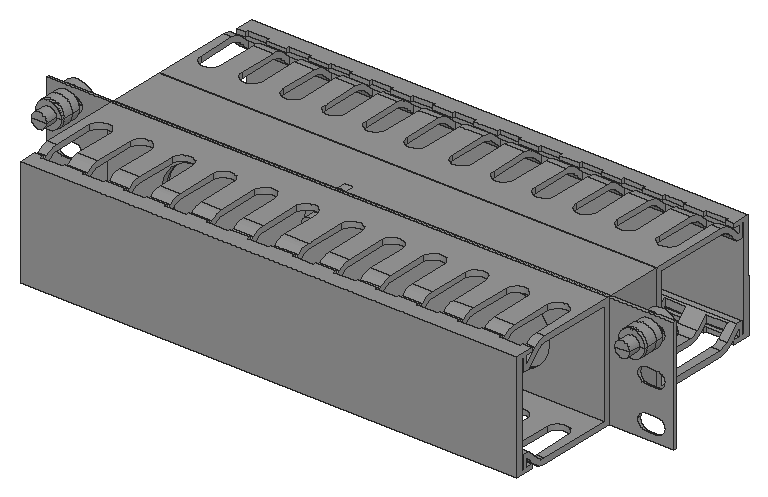
Revit family "ITK by ZPAS__Органайзер кабельный пластиковый с крышкой двойной 19_1U_12 и 12 слотов", category Обобщенные модели, Revit 2019
Family settings
  Может служить основой для арматурных стержней = Нет
  Размер круглого соединителя = Использовать диаметр
  Тип детали = Нормальный
  На основе рабочей плоскости = Нет
  Всегда вертикально = Да
  При загрузке вырезать с полостями = Нет
  Общий = Нет
  Точка расчета площади = Нет
Parameters (values of type "ZP-CO05-1U-12-12-P-C")
  Ширина = 241 mm
  Степень защиты = ""
  Материал = Окраска - RAL 9005
  Изготовитель = "ITK"  # constant formula
  Дата изменения = ""
  Глубина = 111 mm
  Высота = 44.5 mm
  Тип монтажа = ""
  URL = "https://www.iek.ru/"
  KSI_CPr_Строительные изделия = "61.1.04.08"  # constant formula
  KSI_CMa_Строительные материалы = "01.7.14.03"
  IEK_Цена за единицу = 1540.42
  IEK_Поиск в таблице имен = ""
  IEK_Описание = "На тыльной стороне органайзера имеются отверстия для ввода кабелей.\r\nCъемная лицевая крышка.\r\nМонтажная высота 1U и 2U."
  IEK_URL = "https://www.itk-group.ru/produktsiya/catalog/oborudovanie_telekommunikatsionnoe/kompleksnye_resheniya_dlya_tsod/shkafy_i_aksessuary_dlya_tsod/komplektuyushchie_i_aksessuary_dlya_shkafov_itk_by_zpas/kabelnye_organizatory_itk_by_zpas/itk_by_zpas_organayzer_kabelnyy_plastikovyy_s_kryshkoy_dvoynoy_19_1u_12_12_slotov_chernyy"
  ADSK_Примечание = ""
  ADSK_Позиция [instance] = ""
  ADSK_Наименование = "ITK by ZPAS Органайзер пласт. с крышкой 19\" 1U 12+12 черн."
  ADSK_Материал обозначение = ""
  ADSK_Материал наименование = "Пластик"
  ADSK_Масса = 0.59
  ADSK_Марка = "by ZPAS"  # constant formula
  ADSK_Код изделия = "ZP-CO05-1U-12-12-P-C"
  ADSK_Завод-изготовитель = "IEK"  # constant formula
  ADSK_Единица измерения = "шт"  # constant formula
  ADSK_Группирование = "I. ЩИТЫ И ПУЛЬТЫ"  # constant formula
  ADSK_Версия семейства = "1.0"  # constant formula
  ADSK_Версия Revit = "2019"  # constant formula
  ADSK_URL страницы изделия = "https://www.itk-group.ru/produktsiya/catalog/oborudovanie_telekommunikatsionnoe/kompleksnye_resheniya_dlya_tsod/shkafy_i_aksessuary_dlya_tsod/komplektuyushchie_i_aksessuary_dlya_shkafov_itk_by_zpas/kabelnye_organizatory_itk_by_zpas/?pagec=50"
Reference planes
  plane 1 "По центру (Вперед/Назад)": y = 0
  plane 2: z = 0
  plane 3 "По центру (Влево/Вправо)": x = 0
  plane 4: x = -120.5
  plane 5: x = 120.5
  plane 6: y = -45
  plane 7: z = 44.5
  plane 8: y = 66
Forms (mm)
  Extrusion 1, solid, material "Окраска - RAL 9005" <- "Материал", detail levels fine
    sketch origin (120.5, 0, 0.198) x (1, 0, 0) y (0, 1, 0)
      loop
        line (-241, 0) -> (-241, -1) -> (0, -1) -> (0, 0) -> (-241, 0)
    from 0 to 44
  Extrusion 2, void
    sketch origin (-1879.5, -1, 1200.198) x (-1, 0, 0) y (0, 0, -1)
      loop
        circle (-1766.475, 1161) r 2.967
      loop
        circle (-1766.475, 1195) r 2.967
    from -1 to 1.964
  Extrusion 3, solid, material "Окраска - RAL 9005" <- "Материал", detail levels fine
    sketch origin (-120.5, 2000, 1200.198) x (0, 1, 0) y (0, 0, 1)
      loop
        line (-2002.964, -1158.033) -> (-2031.639, -1158.033)
        arc (-2031.639, -1158.033) -> (-2033.467, -1158.359) -> (-2035.043, -1159.342) r 4.903
        line (-2035.043, -1159.342) -> (-2039.626, -1163.598) -> (-2042.093, -1163.598) -> (-2042.093, -1158.711) -> (-2042.982, -1158.711) -> (-2042.982, -1197.289) -> (-2042.093, -1197.289) -> (-2042.093, -1192.402) -> (-2039.626, -1192.402) -> (-2035.043, -1196.658)
        arc (-2035.043, -1196.658) -> (-2033.467, -1197.641) -> (-2031.639, -1197.967) r 4.903
        line (-2031.639, -1197.967) -> (-2002.964, -1197.967) -> (-2002.964, -1158.033)
      loop
        line (-2001, -1156.033) -> (-2031.626, -1156.033)
        arc (-2031.626, -1156.033) -> (-2034.192, -1156.495) -> (-2036.404, -1157.877) r 6.903
        line (-2036.404, -1157.877) -> (-2040.987, -1162.132) -> (-2040.987, -1158.711) -> (-2038.167, -1158.711) -> (-2038.167, -1157.132) -> (-2045, -1157.132) -> (-2045, -1198.868) -> (-2038.167, -1198.868) -> (-2038.167, -1197.289) -> (-2040.987, -1197.289) -> (-2040.987, -1193.868) -> (-2036.404, -1198.123)
        arc (-2036.404, -1198.123) -> (-2034.192, -1199.505) -> (-2031.626, -1199.967) r 6.903
        line (-2031.626, -1199.967) -> (-2001, -1199.967) -> (-2001, -1156.033)
    from 25 to 216
  Revolve 4, solid, material "Окраска - RAL 9005", detail levels fine
    sketch origin (121.437, 29.553, 6.136) x (0, 1, 0) y (-1, 0, 0)
      loop
        line (-44.803, 236.411) -> (-44.803, 233.525) -> (-26.053, 233.525) -> (-26.053, 239.661) -> (-29.553, 239.661) -> (-29.553, 236.411) -> (-32.003, 236.411) -> (-32.003, 238.643)
        arc (-32.003, 238.643) -> (-33.603, 238.55) -> (-35.203, 238.622) r 15.465
        line (-35.203, 238.622) -> (-39.203, 238.622)
        arc (-39.203, 238.622) -> (-39.704, 238.622) -> (-40.203, 238.583) r 6.422
        line (-40.203, 238.583) -> (-40.203, 236.411) -> (-44.803, 236.411)
      axis (-26.053, 233.525) -> (-44.803, 233.525)
    angle from 0 to 360
  Revolve 5, solid, material "Окраска - RAL 9005", detail levels fine
    sketch origin (121.437, 30.928, 38.261) x (0, 1, 0) y (-1, 0, 0)
      loop
        line (-46.178, 236.411) -> (-46.178, 233.525) -> (-27.428, 233.525) -> (-27.428, 239.661) -> (-30.928, 239.661) -> (-30.928, 236.411) -> (-33.378, 236.411) -> (-33.378, 238.643)
        arc (-33.378, 238.643) -> (-34.978, 238.55) -> (-36.578, 238.622) r 15.465
        line (-36.578, 238.622) -> (-40.578, 238.622)
        arc (-40.578, 238.622) -> (-41.079, 238.622) -> (-41.578, 238.583) r 6.422
        line (-41.578, 238.583) -> (-41.578, 236.411) -> (-46.178, 236.411)
      axis (-27.428, 233.525) -> (-46.178, 233.525)
    angle from 0 to 360
  Extrusion 6, void
    sketch origin (120.5, 0, 0.198) x (-1, 0, 0) y (0, 0, 1)
      loop
        line (230.5, 18.75) -> (234.499, 18.75)
        arc (234.499, 18.75) -> (237.749, 22) -> (234.499, 25.25) r 3.25
        line (234.499, 25.25) -> (230.503, 25.25)
        arc (230.503, 25.25) -> (227.25, 22.002) -> (230.5, 18.75) r 3.25
      loop
        line (234.5, 9.25) -> (230.501, 9.25)
        arc (230.501, 9.25) -> (227.251, 6) -> (230.501, 2.75) r 3.25
        line (230.501, 2.75) -> (234.498, 2.75)
        arc (234.498, 2.75) -> (237.75, 5.999) -> (234.5, 9.25) r 3.25
      loop
        line (230.5, 34.75) -> (234.499, 34.75)
        arc (234.499, 34.75) -> (237.749, 38) -> (234.499, 41.25) r 3.25
        line (234.499, 41.25) -> (230.503, 41.25)
        arc (230.503, 41.25) -> (227.25, 38.002) -> (230.5, 34.75) r 3.25
      loop
        line (181.498, 35.5) -> (59.502, 35.5)
        arc (59.502, 35.5) -> (46.002, 22) -> (59.502, 8.5) r 13.5
        line (59.502, 8.5) -> (181.498, 8.5)
        arc (181.498, 8.5) -> (194.998, 22) -> (181.498, 35.5) r 13.5
      loop
        arc (10.5, 18.75) -> (13.75, 22.002) -> (10.497, 25.25) r 3.25
        line (10.497, 25.25) -> (6.501, 25.25)
        arc (6.501, 25.25) -> (3.251, 22) -> (6.501, 18.75) r 3.25
        line (6.501, 18.75) -> (10.5, 18.75)
      loop
        arc (6.5, 9.25) -> (3.25, 5.999) -> (6.502, 2.75) r 3.25
        line (6.502, 2.75) -> (10.499, 2.75)
        arc (10.499, 2.75) -> (13.749, 6) -> (10.499, 9.25) r 3.25
        line (10.499, 9.25) -> (6.5, 9.25)
      loop
        arc (10.5, 34.75) -> (13.75, 38.002) -> (10.497, 41.25) r 3.25
        line (10.497, 41.25) -> (6.501, 41.25)
        arc (6.501, 41.25) -> (3.251, 38) -> (6.501, 34.75) r 3.25
        line (6.501, 34.75) -> (10.5, 34.75)
    from -15.25 to 11
  Extrusion 7, void
    sketch origin (120.5, 0, 0.198) x (1, 0, 0) y (0, 1, 0)
      loop
        line (-204.479, -39.115) -> (-204.479, -16.303)
        arc (-204.479, -16.303) -> (-208.56, -12.223) -> (-212.64, -16.303) r 4.08
        line (-212.64, -16.303) -> (-212.64, -39.115) -> (-204.479, -39.115)
      loop
        line (-188.598, -39.115) -> (-188.598, -16.303)
        arc (-188.598, -16.303) -> (-192.679, -12.223) -> (-196.759, -16.303) r 4.08
        line (-196.759, -16.303) -> (-196.759, -39.115) -> (-188.598, -39.115)
      loop
        line (-172.717, -39.115) -> (-172.717, -16.303)
        arc (-172.717, -16.303) -> (-176.798, -12.223) -> (-180.878, -16.303) r 4.08
        line (-180.878, -16.303) -> (-180.878, -39.115) -> (-172.717, -39.115)
      loop
        line (-156.836, -39.115) -> (-156.836, -16.303)
        arc (-156.836, -16.303) -> (-160.917, -12.223) -> (-164.997, -16.303) r 4.08
        line (-164.997, -16.303) -> (-164.997, -39.115) -> (-156.836, -39.115)
      loop
        line (-140.955, -39.115) -> (-140.955, -16.303)
        arc (-140.955, -16.303) -> (-145.036, -12.223) -> (-149.116, -16.303) r 4.08
        line (-149.116, -16.303) -> (-149.116, -39.115) -> (-140.955, -39.115)
      loop
        line (-125.074, -39.115) -> (-125.074, -16.303)
        arc (-125.074, -16.303) -> (-129.155, -12.223) -> (-133.235, -16.303) r 4.08
        line (-133.235, -16.303) -> (-133.235, -39.115) -> (-125.074, -39.115)
      loop
        line (-36.521, -39.115) -> (-28.36, -39.115) -> (-28.36, -16.303)
        arc (-28.36, -16.303) -> (-32.44, -12.223) -> (-36.521, -16.303) r 4.08
        line (-36.521, -16.303) -> (-36.521, -39.115)
      loop
        line (-52.402, -39.115) -> (-44.241, -39.115) -> (-44.241, -16.303)
        arc (-44.241, -16.303) -> (-48.321, -12.223) -> (-52.402, -16.303) r 4.08
        line (-52.402, -16.303) -> (-52.402, -39.115)
      loop
        line (-68.283, -39.115) -> (-60.122, -39.115) -> (-60.122, -16.303)
        arc (-60.122, -16.303) -> (-64.202, -12.223) -> (-68.283, -16.303) r 4.08
        line (-68.283, -16.303) -> (-68.283, -39.115)
      loop
        line (-84.164, -39.115) -> (-76.003, -39.115) -> (-76.003, -16.303)
        arc (-76.003, -16.303) -> (-80.083, -12.223) -> (-84.164, -16.303) r 4.08
        line (-84.164, -16.303) -> (-84.164, -39.115)
      loop
        line (-100.045, -39.115) -> (-91.884, -39.115) -> (-91.884, -16.303)
        arc (-91.884, -16.303) -> (-95.964, -12.223) -> (-100.045, -16.303) r 4.08
        line (-100.045, -16.303) -> (-100.045, -39.115)
      loop
        line (-115.926, -39.115) -> (-107.765, -39.115) -> (-107.765, -16.303)
        arc (-107.765, -16.303) -> (-111.845, -12.223) -> (-115.926, -16.303) r 4.08
        line (-115.926, -16.303) -> (-115.926, -39.115)
    from -7.955 to 56.109
  Revolve 8, solid, material "Окраска - RAL 9005", detail levels fine
    sketch origin (-121.437, 29.553, 6.136) x (0, 1, 0) y (-1, 0, 0)
      loop
        line (-44.803, -115.911) -> (-40.203, -115.911) -> (-40.203, -118.083)
        arc (-40.203, -118.083) -> (-39.704, -118.122) -> (-39.203, -118.122) r 6.422
        line (-39.203, -118.122) -> (-35.203, -118.122)
        arc (-35.203, -118.122) -> (-33.603, -118.05) -> (-32.003, -118.143) r 15.465
        line (-32.003, -118.143) -> (-32.003, -115.911) -> (-29.553, -115.911) -> (-29.553, -119.161) -> (-26.053, -119.161) -> (-26.053, -113.025) -> (-44.803, -113.025) -> (-44.803, -115.911)
      axis (-26.053, -113.025) -> (-44.803, -113.025)
    angle from 0 to 360
  Revolve 9, solid, material "Окраска - RAL 9005", detail levels fine
    sketch origin (-121.437, 30.928, 38.261) x (0, 1, 0) y (-1, 0, 0)
      loop
        line (-46.178, -115.911) -> (-41.578, -115.911) -> (-41.578, -118.083)
        arc (-41.578, -118.083) -> (-41.079, -118.122) -> (-40.578, -118.122) r 6.422
        line (-40.578, -118.122) -> (-36.578, -118.122)
        arc (-36.578, -118.122) -> (-34.978, -118.05) -> (-33.378, -118.143) r 15.465
        line (-33.378, -118.143) -> (-33.378, -115.911) -> (-30.928, -115.911) -> (-30.928, -119.161) -> (-27.428, -119.161) -> (-27.428, -113.025) -> (-46.178, -113.025) -> (-46.178, -115.911)
      axis (-27.428, -113.025) -> (-46.178, -113.025)
    angle from 0 to 360
  Extrusion 10, solid, material "Окраска - RAL 9005" <- "Материал", detail levels fine
    sketch origin (-120.5, -1979, 1200.198) x (0, -1, 0) y (0, 0, -1)
      loop
        line (-2002.964, 1158.033) -> (-2002.964, 1197.967) -> (-2031.639, 1197.967)
        arc (-2031.639, 1197.967) -> (-2033.467, 1197.641) -> (-2035.043, 1196.658) r 4.903
        line (-2035.043, 1196.658) -> (-2039.626, 1192.402) -> (-2042.093, 1192.402) -> (-2042.093, 1197.289) -> (-2042.982, 1197.289) -> (-2042.982, 1158.711) -> (-2042.093, 1158.711) -> (-2042.093, 1163.598) -> (-2039.626, 1163.598) -> (-2035.043, 1159.342)
        arc (-2035.043, 1159.342) -> (-2033.467, 1158.359) -> (-2031.639, 1158.033) r 4.903
        line (-2031.639, 1158.033) -> (-2002.964, 1158.033)
      loop
        line (-2001, 1156.033) -> (-2001, 1199.967) -> (-2031.626, 1199.967)
        arc (-2031.626, 1199.967) -> (-2034.192, 1199.505) -> (-2036.404, 1198.123) r 6.903
        line (-2036.404, 1198.123) -> (-2040.987, 1193.868) -> (-2040.987, 1197.289) -> (-2038.167, 1197.289) -> (-2038.167, 1198.868) -> (-2045, 1198.868) -> (-2045, 1157.132) -> (-2038.167, 1157.132) -> (-2038.167, 1158.711) -> (-2040.987, 1158.711) -> (-2040.987, 1162.132) -> (-2036.404, 1157.877)
        arc (-2036.404, 1157.877) -> (-2034.192, 1156.495) -> (-2031.626, 1156.033) r 6.903
        line (-2031.626, 1156.033) -> (-2001, 1156.033)
    from 25 to 216
  Extrusion 11, void
    sketch origin (120.5, 21, 0.198) x (-1, 0, 0) y (0, 0, -1)
      loop
        arc (181.498, -35.5) -> (194.998, -22) -> (181.498, -8.5) r 13.5
        line (181.498, -8.5) -> (59.502, -8.5)
        arc (59.502, -8.5) -> (46.002, -22) -> (59.502, -35.5) r 13.5
        line (59.502, -35.5) -> (181.498, -35.5)
    from -15.25 to 11
  Extrusion 12, void
    sketch origin (120.5, 21, 0.198) x (1, 0, 0) y (0, 1, 0)
      loop
        line (-204.479, 39.115) -> (-212.64, 39.115) -> (-212.64, 16.303)
        arc (-212.64, 16.303) -> (-208.56, 12.223) -> (-204.479, 16.303) r 4.08
        line (-204.479, 16.303) -> (-204.479, 39.115)
      loop
        line (-188.598, 39.115) -> (-196.759, 39.115) -> (-196.759, 16.303)
        arc (-196.759, 16.303) -> (-192.679, 12.223) -> (-188.598, 16.303) r 4.08
        line (-188.598, 16.303) -> (-188.598, 39.115)
      loop
        line (-172.717, 39.115) -> (-180.878, 39.115) -> (-180.878, 16.303)
        arc (-180.878, 16.303) -> (-176.798, 12.223) -> (-172.717, 16.303) r 4.08
        line (-172.717, 16.303) -> (-172.717, 39.115)
      loop
        line (-156.836, 39.115) -> (-164.997, 39.115) -> (-164.997, 16.303)
        arc (-164.997, 16.303) -> (-160.917, 12.223) -> (-156.836, 16.303) r 4.08
        line (-156.836, 16.303) -> (-156.836, 39.115)
      loop
        line (-140.955, 39.115) -> (-149.116, 39.115) -> (-149.116, 16.303)
        arc (-149.116, 16.303) -> (-145.036, 12.223) -> (-140.955, 16.303) r 4.08
        line (-140.955, 16.303) -> (-140.955, 39.115)
      loop
        line (-125.074, 39.115) -> (-133.235, 39.115) -> (-133.235, 16.303)
        arc (-133.235, 16.303) -> (-129.155, 12.223) -> (-125.074, 16.303) r 4.08
        line (-125.074, 16.303) -> (-125.074, 39.115)
      loop
        line (-36.521, 39.115) -> (-36.521, 16.303)
        arc (-36.521, 16.303) -> (-32.44, 12.223) -> (-28.36, 16.303) r 4.08
        line (-28.36, 16.303) -> (-28.36, 39.115) -> (-36.521, 39.115)
      loop
        line (-52.402, 39.115) -> (-52.402, 16.303)
        arc (-52.402, 16.303) -> (-48.321, 12.223) -> (-44.241, 16.303) r 4.08
        line (-44.241, 16.303) -> (-44.241, 39.115) -> (-52.402, 39.115)
      loop
        line (-68.283, 39.115) -> (-68.283, 16.303)
        arc (-68.283, 16.303) -> (-64.202, 12.223) -> (-60.122, 16.303) r 4.08
        line (-60.122, 16.303) -> (-60.122, 39.115) -> (-68.283, 39.115)
      loop
        line (-84.164, 39.115) -> (-84.164, 16.303)
        arc (-84.164, 16.303) -> (-80.083, 12.223) -> (-76.003, 16.303) r 4.08
        line (-76.003, 16.303) -> (-76.003, 39.115) -> (-84.164, 39.115)
      loop
        line (-100.045, 39.115) -> (-100.045, 16.303)
        arc (-100.045, 16.303) -> (-95.964, 12.223) -> (-91.884, 16.303) r 4.08
        line (-91.884, 16.303) -> (-91.884, 39.115) -> (-100.045, 39.115)
      loop
        line (-115.926, 39.115) -> (-115.926, 16.303)
        arc (-115.926, 16.303) -> (-111.845, 12.223) -> (-107.765, 16.303) r 4.08
        line (-107.765, 16.303) -> (-107.765, 39.115) -> (-115.926, 39.115)
    from -7.955 to 56.109
  Revolve 13, solid, material "Окраска - RAL 9005", detail levels fine
    sketch origin (-121.437, 30.928, 38.261) x (0, 1, 0) y (-1, 0, 0)
      loop
        line (-46.178, -236.411) -> (-41.578, -236.411) -> (-41.578, -238.583)
        arc (-41.578, -238.583) -> (-41.079, -238.622) -> (-40.578, -238.622) r 6.422
        line (-40.578, -238.622) -> (-36.578, -238.622)
        arc (-36.578, -238.622) -> (-34.978, -238.55) -> (-33.378, -238.643) r 15.465
        line (-33.378, -238.643) -> (-33.378, -236.411) -> (-30.928, -236.411) -> (-30.928, -239.661) -> (-27.428, -239.661) -> (-27.428, -233.525) -> (-46.178, -233.525) -> (-46.178, -236.411)
      axis (-27.428, -233.525) -> (-46.178, -233.525)
    angle from 0 to 360
  Extrusion 14, solid, material "Окраска - RAL 9005" <- "Материал", detail levels fine
    sketch origin (0, 125, 0) x (0, 1, 0) y (0, 0, 1)
      loop
        line (-103, 44.166) -> (-125, 44.166) -> (-125, 0.198) -> (-103, 0.198) -> (-103, 44.166)
    from -95.5 to 95.5
  Extrusion 15, solid, material "Условный материал-отделка", detail levels coarse+medium
    sketch origin (0, 0, 0) x (1, 0, 0) y (0, 1, 0)
      loop
        line (-120.5, 66) -> (-120.5, -45) -> (120.5, -45) -> (120.5, 66) -> (-120.5, 66)
    from 0 to 44.5 <- "Высота"
Cuts and joins
  Extrusion 6, Extrusion 7, Extrusion 11, Extrusion 12 cuts Extrusion 3
  Extrusion 2, Extrusion 6, Extrusion 11 cuts Extrusion 1
  Extrusion 11 cuts Revolve 8
  Extrusion 11 cuts Revolve 9
  Extrusion 11, Extrusion 12 cuts Extrusion 10
Dimensions and locks
  equal spacing: plane 4, plane 3 "По центру (Влево/Вправо)", plane 5
  "Ширина": plane 4 to plane 5
  "Глубина": plane 8 to plane 6
  "Высота": plane 7 to level
  aligned and locked: level to plane 2
  aligned and locked: Revolve 4 sketch curve to Revolve 4 sketch curve
  aligned and locked: Revolve 5 sketch curve to Revolve 5 sketch curve
  aligned and locked: Revolve 8 sketch curve to Revolve 8 sketch curve
  aligned and locked: Revolve 9 sketch curve to Revolve 9 sketch curve
  aligned and locked: Revolve 13 sketch curve to Revolve 13 sketch curve
  aligned and locked: Extrusion 14 to cut or joined group of Extrusion 3, Extrusion 6, Extrusion 7, Extrusion 11, Extrusion 12
  aligned and locked: cut or joined group of Extrusion 3, Extrusion 6, Extrusion 7, Extrusion 11, Extrusion 12 to Extrusion 14
Automatic sketch dimensions
  Extrusion 1 sketch curve to plane 4 = 0 mm
  Extrusion 1 sketch curve to plane 5 = 0 mm
  plane 6 to Extrusion 1 sketch curve = 44 mm
  Extrusion 1 sketch curve to Extrusion 1 sketch curve = 1 mm
  Extrusion 2 sketch curve to plane 4 = 7.475 mm  (x2)
  Extrusion 2 sketch curve to level = 5.198 mm
  plane 7 to Extrusion 2 sketch curve = 5.302 mm
  Extrusion 3 sketch curve to Extrusion 3 sketch curve = 0 mm  (x6)
  level to Extrusion 3 sketch curve = 1.33 mm
  Extrusion 3 sketch curve to plane 6 = 0 mm
  Extrusion 3 sketch curve to Extrusion 3 sketch curve = 2.018 mm
  Extrusion 3 sketch curve to Extrusion 3 sketch curve = 0.889 mm  (x2)
  Extrusion 3 sketch curve to plane 7 = 6.434 mm
  Extrusion 3 sketch curve to Extrusion 3 sketch curve = 1.106 mm  (x2)
  level to Extrusion 3 sketch curve = 6.33 mm
  Extrusion 3 sketch curve to Extrusion 3 sketch curve = 1.361 mm  (x4)
  Extrusion 3 sketch curve to Extrusion 3 sketch curve = 2.82 mm  (x2)
  level to Extrusion 3 sketch curve = 2.075 mm
  Extrusion 3 sketch curve to Extrusion 3 sketch curve = 1.763 mm  (x2)
  Extrusion 3 sketch curve to plane 7 = 2.178 mm
  Extrusion 3 sketch curve to plane 7 = 3.644 mm
  level to Extrusion 3 sketch curve = 3.54 mm
  Extrusion 3 sketch curve to Extrusion 3 sketch curve = 3.336 mm  (x2)
  Extrusion 3 sketch curve to Extrusion 3 sketch curve = 3.405 mm  (x2)
  level to Extrusion 3 sketch curve = 0.231 mm
  Extrusion 3 sketch curve to Extrusion 3 sketch curve = 0.013 mm  (x2)
  Extrusion 3 sketch curve to Extrusion 3 sketch curve = 28.675 mm
  Extrusion 3 sketch curve to Extrusion 3 sketch curve = 1.964 mm
  level to Extrusion 3 sketch curve = 2.91 mm
  Extrusion 3 sketch curve to Extrusion 3 sketch curve = 1.466 mm  (x2)
  Extrusion 3 sketch curve to Extrusion 3 sketch curve = 3.593 mm
  Extrusion 3 sketch curve to plane 7 = 3.013 mm
  Extrusion 3 sketch curve to plane 7 = 1.434 mm
  plane 4 to Revolve 4 sketch curve = 5.526 mm
  plane 6 to Revolve 4 sketch curve = 29.75 mm
  Revolve 4 sketch curve to Revolve 4 sketch curve = 4.6 mm
  Revolve 4 sketch curve to Revolve 4 sketch curve = 0.75 mm
  Revolve 4 sketch curve to Revolve 4 sketch curve = 1 mm
  Revolve 4 sketch curve to Revolve 4 sketch curve = 4 mm
  Revolve 4 sketch curve to Revolve 4 sketch curve = 1.5 mm
  Revolve 4 sketch curve to Revolve 4 sketch curve = 3.2 mm
  Revolve 4 sketch curve to Revolve 4 sketch curve = 2.45 mm
  Revolve 4 sketch curve to Revolve 4 sketch curve = 3.5 mm
  plane 4 to Revolve 4 sketch curve = 8.412 mm
  Revolve 4 sketch curve to Revolve 4 sketch curve = 4.206 mm
  Revolve 4 sketch curve to Revolve 4 sketch curve = 2.886 mm
  Revolve 4 sketch curve to Revolve 4 sketch curve = 2.172 mm
  Revolve 4 sketch curve to Revolve 4 sketch curve = 2.232 mm
  plane 4 to Revolve 4 sketch curve = 2.276 mm
  Revolve 4 sketch curve to Revolve 4 sketch curve = 0 mm  (x2)
  plane 4 to Revolve 5 sketch curve = 5.526 mm
  plane 6 to Revolve 5 sketch curve = 29.75 mm
  Revolve 5 sketch curve to Revolve 5 sketch curve = 4.6 mm
  Revolve 5 sketch curve to Revolve 5 sketch curve = 0.75 mm
  Revolve 5 sketch curve to Revolve 5 sketch curve = 1 mm
  Revolve 5 sketch curve to Revolve 5 sketch curve = 4 mm
  Revolve 5 sketch curve to Revolve 5 sketch curve = 1.5 mm
  Revolve 5 sketch curve to Revolve 5 sketch curve = 3.2 mm
  Revolve 5 sketch curve to Revolve 5 sketch curve = 2.45 mm
  Revolve 5 sketch curve to Revolve 5 sketch curve = 3.5 mm
  plane 4 to Revolve 5 sketch curve = 8.412 mm
  Revolve 5 sketch curve to Revolve 5 sketch curve = 4.206 mm
  Revolve 5 sketch curve to Revolve 5 sketch curve = 2.886 mm
  Revolve 5 sketch curve to Revolve 5 sketch curve = 2.172 mm
  Revolve 5 sketch curve to Revolve 5 sketch curve = 2.232 mm
  plane 4 to Revolve 5 sketch curve = 2.276 mm
  Revolve 5 sketch curve to Revolve 5 sketch curve = 0 mm  (x2)
  Extrusion 6 sketch curve to plane 5 = 6.5 mm
  Extrusion 6 sketch curve to plane 5 = 6.501 mm  (x2)
  Extrusion 6 sketch curve to plane 7 = 3.052 mm
  Extrusion 6 sketch curve to Extrusion 6 sketch curve = 0.002 mm  (x2)
  Extrusion 6 sketch curve to Extrusion 6 sketch curve = 3.995 mm  (x3)
  Extrusion 6 sketch curve to Extrusion 6 sketch curve = 3.999 mm  (x2)
  Extrusion 6 sketch curve to Extrusion 6 sketch curve = 0.003 mm  (x4)
  Extrusion 6 sketch curve to plane 7 = 8.802 mm
  Extrusion 6 sketch curve to Extrusion 6 sketch curve = 49.002 mm
  plane 4 to Extrusion 6 sketch curve = 59.502 mm
  plane 4 to Extrusion 6 sketch curve = 10.5 mm  (x2)
  Extrusion 6 sketch curve to Extrusion 6 sketch curve = 0.001 mm
  Extrusion 6 sketch curve to Extrusion 6 sketch curve = 3.998 mm
  Extrusion 6 sketch curve to plane 7 = 9.552 mm
  Extrusion 6 sketch curve to Extrusion 6 sketch curve = 6.5 mm
  Extrusion 6 sketch curve to Extrusion 6 sketch curve = 9.5 mm  (x2)
  Extrusion 6 sketch curve to Extrusion 6 sketch curve = 13.5 mm
  Extrusion 6 sketch curve to Extrusion 6 sketch curve = 3.25 mm  (x5)
  level to Extrusion 6 sketch curve = 9.448 mm  (x2)
  plane 4 to Extrusion 7 sketch curve = 28.36 mm
  Extrusion 7 sketch curve to Extrusion 7 sketch curve = 4.08 mm  (x12)
  Extrusion 7 sketch curve to Extrusion 7 sketch curve = 7.72 mm  (x10)
  plane 3 "По центру (Влево/Вправо)" to Extrusion 7 sketch curve = 4.574 mm
  plane 6 to Extrusion 7 sketch curve = 5.885 mm
  Extrusion 7 sketch curve to Extrusion 7 sketch curve = 0 mm  (x21)
  Extrusion 7 sketch curve to Extrusion 7 sketch curve = 22.811 mm  (x2)
  Revolve 8 sketch curve to plane 3 "По центру (Влево/Вправо)" = 5.526 mm  (x2)
  plane 6 to Revolve 8 sketch curve = 29.75 mm
  Revolve 8 sketch curve to Revolve 8 sketch curve = 4.6 mm
  Revolve 8 sketch curve to Revolve 8 sketch curve = 0.75 mm
  Revolve 8 sketch curve to Revolve 8 sketch curve = 1 mm
  Revolve 8 sketch curve to Revolve 8 sketch curve = 4 mm
  Revolve 8 sketch curve to Revolve 8 sketch curve = 1.5 mm
  Revolve 8 sketch curve to Revolve 8 sketch curve = 3.2 mm
  Revolve 8 sketch curve to Revolve 8 sketch curve = 2.45 mm
  Revolve 8 sketch curve to Revolve 8 sketch curve = 3.5 mm
  Revolve 8 sketch curve to Revolve 8 sketch curve = 2.172 mm
  Revolve 8 sketch curve to plane 3 "По центру (Влево/Вправо)" = 3.315 mm
  Revolve 8 sketch curve to Revolve 8 sketch curve = 2.232 mm
  Revolve 8 sketch curve to plane 3 "По центру (Влево/Вправо)" = 2.276 mm
  Revolve 8 sketch curve to Revolve 8 sketch curve = 2.886 mm
  Revolve 8 sketch curve to Revolve 8 sketch curve = 0 mm  (x2)
  Revolve 9 sketch curve to plane 3 "По центру (Влево/Вправо)" = 5.526 mm  (x2)
  plane 6 to Revolve 9 sketch curve = 29.75 mm
  Revolve 9 sketch curve to Revolve 9 sketch curve = 4.6 mm
  Revolve 9 sketch curve to Revolve 9 sketch curve = 0.75 mm
  Revolve 9 sketch curve to Revolve 9 sketch curve = 1 mm
  Revolve 9 sketch curve to Revolve 9 sketch curve = 4 mm
  Revolve 9 sketch curve to Revolve 9 sketch curve = 1.5 mm
  Revolve 9 sketch curve to Revolve 9 sketch curve = 3.2 mm
  Revolve 9 sketch curve to Revolve 9 sketch curve = 2.45 mm
  Revolve 9 sketch curve to Revolve 9 sketch curve = 3.5 mm
  Revolve 9 sketch curve to Revolve 9 sketch curve = 2.172 mm
  Revolve 9 sketch curve to plane 3 "По центру (Влево/Вправо)" = 3.315 mm
  Revolve 9 sketch curve to Revolve 9 sketch curve = 2.232 mm
  Revolve 9 sketch curve to plane 3 "По центру (Влево/Вправо)" = 2.276 mm
  Revolve 9 sketch curve to Revolve 9 sketch curve = 2.886 mm
  Revolve 9 sketch curve to Revolve 9 sketch curve = 0 mm  (x2)
  Extrusion 10 sketch curve to Extrusion 10 sketch curve = 0 mm  (x5)
  level to Extrusion 10 sketch curve = 1.33 mm
  Extrusion 10 sketch curve to plane 1 "По центру (Вперед/Назад)" = 66 mm
  Extrusion 10 sketch curve to Extrusion 10 sketch curve = 2.018 mm
  Extrusion 10 sketch curve to Extrusion 10 sketch curve = 0.889 mm  (x2)
  Extrusion 10 sketch curve to plane 7 = 6.434 mm
  Extrusion 10 sketch curve to Extrusion 10 sketch curve = 1.106 mm  (x2)
  level to Extrusion 10 sketch curve = 6.33 mm
  Extrusion 10 sketch curve to Extrusion 10 sketch curve = 1.361 mm  (x4)
  Extrusion 10 sketch curve to Extrusion 10 sketch curve = 2.82 mm  (x2)
  level to Extrusion 10 sketch curve = 2.075 mm
  Extrusion 10 sketch curve to Extrusion 10 sketch curve = 1.763 mm  (x2)
  Extrusion 10 sketch curve to plane 7 = 2.178 mm
  Extrusion 10 sketch curve to plane 7 = 3.644 mm
  level to Extrusion 10 sketch curve = 3.54 mm
  Extrusion 10 sketch curve to Extrusion 10 sketch curve = 3.336 mm  (x2)
  Extrusion 10 sketch curve to Extrusion 10 sketch curve = 3.405 mm  (x2)
  level to Extrusion 10 sketch curve = 0.231 mm
  Extrusion 10 sketch curve to Extrusion 10 sketch curve = 0.013 mm  (x2)
  Extrusion 10 sketch curve to plane 1 "По центру (Вперед/Назад)" = 23.964 mm
  Extrusion 10 sketch curve to Extrusion 10 sketch curve = 1.964 mm
  Extrusion 10 sketch curve to plane 7 = 1.434 mm
  Extrusion 10 sketch curve to plane 7 = 0.334 mm
  Extrusion 10 sketch curve to plane 7 = 3.013 mm
  Extrusion 10 sketch curve to Extrusion 10 sketch curve = 1.466 mm  (x2)
  Extrusion 10 sketch curve to Extrusion 10 sketch curve = 1.579 mm  (x2)
  Extrusion 11 sketch curve to plane 7 = 8.802 mm
  Extrusion 11 sketch curve to plane 5 = 59.502 mm
  plane 4 to Extrusion 11 sketch curve = 59.502 mm
  Extrusion 11 sketch curve to Extrusion 11 sketch curve = 13.5 mm
  plane 4 to Extrusion 12 sketch curve = 28.36 mm
  Extrusion 12 sketch curve to plane 1 "По центру (Вперед/Назад)" = 37.303 mm  (x12)
  Extrusion 12 sketch curve to Extrusion 12 sketch curve = 4.08 mm  (x12)
  Extrusion 12 sketch curve to Extrusion 12 sketch curve = 7.72 mm  (x10)
  plane 3 "По центру (Влево/Вправо)" to Extrusion 12 sketch curve = 4.574 mm
  Extrusion 12 sketch curve to plane 1 "По центру (Вперед/Назад)" = 60.115 mm  (x2)
  Extrusion 12 sketch curve to Extrusion 12 sketch curve = 0 mm  (x10)
  Revolve 13 sketch curve to plane 5 = 5.526 mm  (x2)
  plane 6 to Revolve 13 sketch curve = 29.75 mm
  Revolve 13 sketch curve to Revolve 13 sketch curve = 4.6 mm
  Revolve 13 sketch curve to Revolve 13 sketch curve = 0.75 mm
  Revolve 13 sketch curve to Revolve 13 sketch curve = 1 mm
  Revolve 13 sketch curve to Revolve 13 sketch curve = 4 mm
  Revolve 13 sketch curve to Revolve 13 sketch curve = 1.5 mm
  Revolve 13 sketch curve to Revolve 13 sketch curve = 3.2 mm
  Revolve 13 sketch curve to Revolve 13 sketch curve = 2.45 mm
  Revolve 13 sketch curve to Revolve 13 sketch curve = 3.5 mm
  Revolve 13 sketch curve to Revolve 13 sketch curve = 2.172 mm
  Revolve 13 sketch curve to Revolve 13 sketch curve = 2.211 mm
  Revolve 13 sketch curve to Revolve 13 sketch curve = 2.232 mm
  Revolve 13 sketch curve to plane 5 = 2.276 mm
  Revolve 13 sketch curve to Revolve 13 sketch curve = 2.886 mm
  Revolve 13 sketch curve to Revolve 13 sketch curve = 0 mm  (x2)
  Extrusion 14 sketch curve to plane 7 = 0.334 mm
  plane 6 to Extrusion 14 sketch curve = 45 mm
  level to Extrusion 14 sketch curve = 0.198 mm
  Extrusion 14 sketch curve to Extrusion 14 sketch curve = 22 mm
  Extrusion 15 sketch curve to plane 4 = 0 mm
  Extrusion 15 sketch curve to plane 5 = 0 mm
  Extrusion 15 sketch curve to plane 6 = 0 mm
  Extrusion 15 sketch curve to plane 8 = 0 mm
  radius of Extrusion 2 sketch curve = 2.967 mm  (x2)
